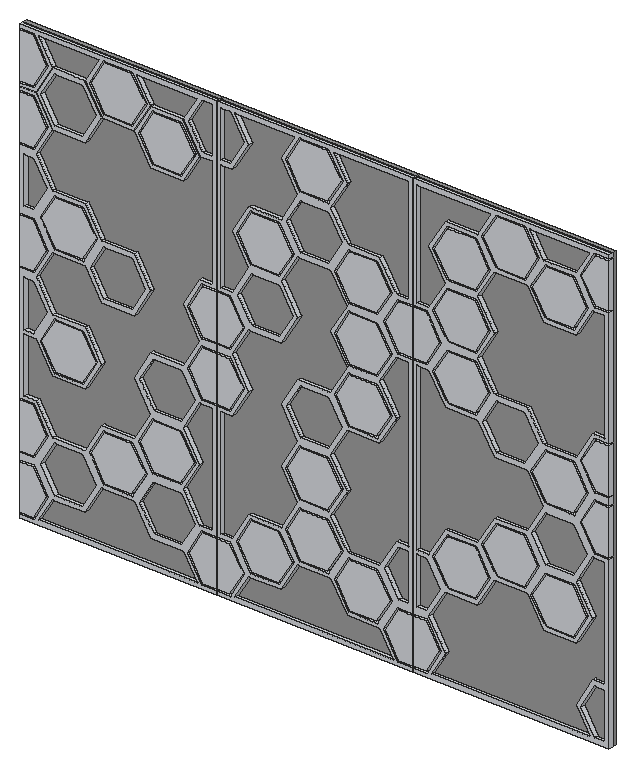
Revit family "SUR-PGL-018_HEX LATTICE_RFA", category Modelos genéricos, Revit 2022 (continued)
Forms (in)
  Extrusion 208, solid, not visible
    sketch origin (0, 24, 0) x (0, 1, 0) y (0, 0, 1)
      loop
        line (0.42351, 2.24072) -> (0.33294, 2.15016) -> (0.33294, 1.7291)
    from 0 to 96.9361
  Extrusion 209, solid, not visible
    sketch origin (0, 48, 0) x (0, 1, 0) y (0, 0, 1)
      loop
        line (0.42221, 1.66259) -> (0.42231, 0.67354)
        arc (0.42231, 0.67354) -> (0.41009, 0.64403) -> (0.38057, 0.6318) r 0.04174
        line (0.38057, 0.6318) -> (-0.00639, 0.6318) -> (-0.00639, 0.59057) -> (0.8874, 0.59057) -> (0.8874, 0.6318) -> (0.49998, 0.6318)
        arc (0.49998, 0.6318) -> (0.47046, 0.64403) -> (0.45824, 0.67354) r 0.04174
        line (0.45824, 0.67354) -> (0.45834, 1.66259)
        arc (0.45834, 1.66259) -> (0.46543, 1.67969) -> (0.48252, 1.68677) r 0.02418
        line (0.48252, 1.68677) -> (0.52252, 1.68677)
        arc (0.52252, 1.68677) -> (0.55303, 1.69941) -> (0.56566, 1.72991) r 0.04314
        line (0.56566, 1.72991) -> (0.56566, 2.14095)
        arc (0.56566, 2.14095) -> (0.5626, 2.15637) -> (0.55386, 2.16944) r 0.04029
        line (0.55386, 2.16944) -> (0.47053, 2.25277)
        arc (0.47053, 2.25277) -> (0.44027, 2.2653) -> (0.41002, 2.25277) r 0.04279
        line (0.41002, 2.25277) -> (0.32669, 2.16944)
        arc (0.32669, 2.16944) -> (0.31795, 2.15637) -> (0.31489, 2.14095) r 0.04029
        line (0.31489, 2.14095) -> (0.31489, 1.72991)
        arc (0.31489, 1.72991) -> (0.32752, 1.69941) -> (0.35803, 1.68677) r 0.04314
        line (0.35803, 1.68677) -> (0.39803, 1.68677)
        arc (0.39803, 1.68677) -> (0.41512, 1.67969) -> (0.42221, 1.66259) r 0.02418
      loop
        arc (0.33294, 1.7291) -> (0.34005, 1.71194) -> (0.35722, 1.70483) r 0.02428
        line (0.35722, 1.70483) -> (0.39815, 1.70483)
        arc (0.39815, 1.70483) -> (0.42797, 1.69248) -> (0.44023, 1.66266) r 0.04217
        arc (0.44023, 1.66266) -> (0.45258, 1.69248) -> (0.4824, 1.70483) r 0.04217
        line (0.4824, 1.70483) -> (0.52333, 1.70483)
        arc (0.52333, 1.70483) -> (0.54049, 1.71194) -> (0.54761, 1.7291) r 0.02428
        line (0.54761, 1.7291) -> (0.54761, 2.15016) -> (0.45704, 2.24072)
        arc (0.45704, 2.24072) -> (0.44027, 2.24767) -> (0.42351, 2.24072) r 0.02371
        line (0.42351, 2.24072) -> (0.33294, 2.15016) -> (0.33294, 1.7291)
    from 0 to 96.9361
  Extrusion 210, solid, not visible
    sketch origin (0, 72, 0) x (0, 1, 0) y (0, 0, 1)
      loop
        line (0.42221, 1.66259) -> (0.42231, 0.67354)
        arc (0.42231, 0.67354) -> (0.41009, 0.64403) -> (0.38057, 0.6318) r 0.04174
        line (0.38057, 0.6318) -> (-0.00639, 0.6318) -> (-0.00639, 0.59057) -> (0.8874, 0.59057) -> (0.8874, 0.6318) -> (0.49998, 0.6318)
        arc (0.49998, 0.6318) -> (0.47046, 0.64403) -> (0.45824, 0.67354) r 0.04174
        line (0.45824, 0.67354) -> (0.45834, 1.66259)
        arc (0.45834, 1.66259) -> (0.46543, 1.67969) -> (0.48252, 1.68677) r 0.02418
        line (0.48252, 1.68677) -> (0.52252, 1.68677)
        arc (0.52252, 1.68677) -> (0.55303, 1.69941) -> (0.56566, 1.72991) r 0.04314
        line (0.56566, 1.72991) -> (0.56566, 2.14095)
        arc (0.56566, 2.14095) -> (0.5626, 2.15637) -> (0.55386, 2.16944) r 0.04029
        line (0.55386, 2.16944) -> (0.47053, 2.25277)
        arc (0.47053, 2.25277) -> (0.44027, 2.2653) -> (0.41002, 2.25277) r 0.04279
        line (0.41002, 2.25277) -> (0.32669, 2.16944)
        arc (0.32669, 2.16944) -> (0.31795, 2.15637) -> (0.31489, 2.14095) r 0.04029
        line (0.31489, 2.14095) -> (0.31489, 1.72991)
        arc (0.31489, 1.72991) -> (0.32752, 1.69941) -> (0.35803, 1.68677) r 0.04314
        line (0.35803, 1.68677) -> (0.39803, 1.68677)
        arc (0.39803, 1.68677) -> (0.41512, 1.67969) -> (0.42221, 1.66259) r 0.02418
      loop
        arc (0.33294, 1.7291) -> (0.34005, 1.71194) -> (0.35722, 1.70483) r 0.02428
        line (0.35722, 1.70483) -> (0.39815, 1.70483)
        arc (0.39815, 1.70483) -> (0.42797, 1.69248) -> (0.44023, 1.66266) r 0.04217
        arc (0.44023, 1.66266) -> (0.45258, 1.69248) -> (0.4824, 1.70483) r 0.04217
        line (0.4824, 1.70483) -> (0.52333, 1.70483)
        arc (0.52333, 1.70483) -> (0.54049, 1.71194) -> (0.54761, 1.7291) r 0.02428
        line (0.54761, 1.7291) -> (0.54761, 2.15016) -> (0.45704, 2.24072)
        arc (0.45704, 2.24072) -> (0.44027, 2.24767) -> (0.42351, 2.24072) r 0.02371
        line (0.42351, 2.24072) -> (0.33294, 2.15016) -> (0.33294, 1.7291)
    from 0 to 96.9361
  Extrusion 211, solid, not visible
    sketch origin (0, 96, 0) x (0, 1, 0) y (0, 0, 1)
      loop
        line (0.42221, 1.66259) -> (0.42231, 0.67354)
        arc (0.42231, 0.67354) -> (0.41009, 0.64403) -> (0.38057, 0.6318) r 0.04174
        line (0.38057, 0.6318) -> (-0.00639, 0.6318) -> (-0.00639, 0.59057) -> (0.8874, 0.59057) -> (0.8874, 0.6318) -> (0.49998, 0.6318)
        arc (0.49998, 0.6318) -> (0.47046, 0.64403) -> (0.45824, 0.67354) r 0.04174
        line (0.45824, 0.67354) -> (0.45834, 1.66259)
        arc (0.45834, 1.66259) -> (0.46543, 1.67969) -> (0.48252, 1.68677) r 0.02418
        line (0.48252, 1.68677) -> (0.52252, 1.68677)
        arc (0.52252, 1.68677) -> (0.55303, 1.69941) -> (0.56566, 1.72991) r 0.04314
        line (0.56566, 1.72991) -> (0.56566, 2.14095)
        arc (0.56566, 2.14095) -> (0.5626, 2.15637) -> (0.55386, 2.16944) r 0.04029
        line (0.55386, 2.16944) -> (0.47053, 2.25277)
        arc (0.47053, 2.25277) -> (0.44027, 2.2653) -> (0.41002, 2.25277) r 0.04279
        line (0.41002, 2.25277) -> (0.32669, 2.16944)
        arc (0.32669, 2.16944) -> (0.31795, 2.15637) -> (0.31489, 2.14095) r 0.04029
        line (0.31489, 2.14095) -> (0.31489, 1.72991)
        arc (0.31489, 1.72991) -> (0.32752, 1.69941) -> (0.35803, 1.68677) r 0.04314
        line (0.35803, 1.68677) -> (0.39803, 1.68677)
        arc (0.39803, 1.68677) -> (0.41512, 1.67969) -> (0.42221, 1.66259) r 0.02418
      loop
        arc (0.33294, 1.7291) -> (0.34005, 1.71194) -> (0.35722, 1.70483) r 0.02428
        line (0.35722, 1.70483) -> (0.39815, 1.70483)
        arc (0.39815, 1.70483) -> (0.42797, 1.69248) -> (0.44023, 1.66266) r 0.04217
        arc (0.44023, 1.66266) -> (0.45258, 1.69248) -> (0.4824, 1.70483) r 0.04217
        line (0.4824, 1.70483) -> (0.52333, 1.70483)
        arc (0.52333, 1.70483) -> (0.54049, 1.71194) -> (0.54761, 1.7291) r 0.02428
        line (0.54761, 1.7291) -> (0.54761, 2.15016) -> (0.45704, 2.24072)
        arc (0.45704, 2.24072) -> (0.44027, 2.24767) -> (0.42351, 2.24072) r 0.02371
        line (0.42351, 2.24072) -> (0.33294, 2.15016) -> (0.33294, 1.7291)
    from 0 to 96.9361
  Extrusion 212, solid, not visible
    sketch origin (48.02754, 154.90856, 0) x (1, 0, 0) y (0, 0, 1)
      loop
        line (0.42221, 1.66259) -> (0.42231, 0.67354)
        arc (0.42231, 0.67354) -> (0.41009, 0.64403) -> (0.38057, 0.6318) r 0.04174
        line (0.38057, 0.6318) -> (-0.00639, 0.6318) -> (-0.00639, 0.59057) -> (0.8874, 0.59057) -> (0.8874, 0.6318) -> (0.49998, 0.6318)
        arc (0.49998, 0.6318) -> (0.47046, 0.64403) -> (0.45824, 0.67354) r 0.04174
        line (0.45824, 0.67354) -> (0.45834, 1.66259)
        arc (0.45834, 1.66259) -> (0.46543, 1.67969) -> (0.48252, 1.68677) r 0.02418
        line (0.48252, 1.68677) -> (0.52252, 1.68677)
        arc (0.52252, 1.68677) -> (0.55303, 1.69941) -> (0.56566, 1.72991) r 0.04314
        line (0.56566, 1.72991) -> (0.56566, 2.14095)
        arc (0.56566, 2.14095) -> (0.5626, 2.15637) -> (0.55386, 2.16944) r 0.04029
        line (0.55386, 2.16944) -> (0.47053, 2.25277)
        arc (0.47053, 2.25277) -> (0.44027, 2.2653) -> (0.41002, 2.25277) r 0.04279
        line (0.41002, 2.25277) -> (0.32669, 2.16944)
        arc (0.32669, 2.16944) -> (0.31795, 2.15637) -> (0.31489, 2.14095) r 0.04029
        line (0.31489, 2.14095) -> (0.31489, 1.72991)
        arc (0.31489, 1.72991) -> (0.32752, 1.69941) -> (0.35803, 1.68677) r 0.04314
        line (0.35803, 1.68677) -> (0.39803, 1.68677)
        arc (0.39803, 1.68677) -> (0.41512, 1.67969) -> (0.42221, 1.66259) r 0.02418
      loop
        arc (0.33294, 1.7291) -> (0.34005, 1.71194) -> (0.35722, 1.70483) r 0.02428
        line (0.35722, 1.70483) -> (0.39815, 1.70483)
        arc (0.39815, 1.70483) -> (0.42797, 1.69248) -> (0.44023, 1.66266) r 0.04217
        arc (0.44023, 1.66266) -> (0.45258, 1.69248) -> (0.4824, 1.70483) r 0.04217
        line (0.4824, 1.70483) -> (0.52333, 1.70483)
        arc (0.52333, 1.70483) -> (0.54049, 1.71194) -> (0.54761, 1.7291) r 0.02428
        line (0.54761, 1.7291) -> (0.54761, 2.15016) -> (0.45704, 2.24072)
        arc (0.45704, 2.24072) -> (0.44027, 2.24767) -> (0.42351, 2.24072) r 0.02371
        line (0.42351, 2.24072) -> (0.33294, 2.15016) -> (0.33294, 1.7291)
    from 58.93614 to 81.99864
  Extrusion 213, solid, not visible
    sketch origin (72.02767, 154.90856, 0) x (1, 0, 0) y (0, 0, 1)
      loop
        line (0.42221, 1.66259) -> (0.42231, 0.67354)
        arc (0.42231, 0.67354) -> (0.41009, 0.64403) -> (0.38057, 0.6318) r 0.04174
        line (0.38057, 0.6318) -> (-0.00639, 0.6318) -> (-0.00639, 0.59057) -> (0.8874, 0.59057) -> (0.8874, 0.6318) -> (0.49998, 0.6318)
        arc (0.49998, 0.6318) -> (0.47046, 0.64403) -> (0.45824, 0.67354) r 0.04174
        line (0.45824, 0.67354) -> (0.45834, 1.66259)
        arc (0.45834, 1.66259) -> (0.46543, 1.67969) -> (0.48252, 1.68677) r 0.02418
        line (0.48252, 1.68677) -> (0.52252, 1.68677)
        arc (0.52252, 1.68677) -> (0.55303, 1.69941) -> (0.56566, 1.72991) r 0.04314
        line (0.56566, 1.72991) -> (0.56566, 2.14095)
        arc (0.56566, 2.14095) -> (0.5626, 2.15637) -> (0.55386, 2.16944) r 0.04029
        line (0.55386, 2.16944) -> (0.47053, 2.25277)
        arc (0.47053, 2.25277) -> (0.44027, 2.2653) -> (0.41002, 2.25277) r 0.04279
        line (0.41002, 2.25277) -> (0.32669, 2.16944)
        arc (0.32669, 2.16944) -> (0.31795, 2.15637) -> (0.31489, 2.14095) r 0.04029
        line (0.31489, 2.14095) -> (0.31489, 1.72991)
        arc (0.31489, 1.72991) -> (0.32752, 1.69941) -> (0.35803, 1.68677) r 0.04314
        line (0.35803, 1.68677) -> (0.39803, 1.68677)
        arc (0.39803, 1.68677) -> (0.41512, 1.67969) -> (0.42221, 1.66259) r 0.02418
      loop
        arc (0.33294, 1.7291) -> (0.34005, 1.71194) -> (0.35722, 1.70483) r 0.02428
        line (0.35722, 1.70483) -> (0.39815, 1.70483)
        arc (0.39815, 1.70483) -> (0.42797, 1.69248) -> (0.44023, 1.66266) r 0.04217
        arc (0.44023, 1.66266) -> (0.45258, 1.69248) -> (0.4824, 1.70483) r 0.04217
        line (0.4824, 1.70483) -> (0.52333, 1.70483)
        arc (0.52333, 1.70483) -> (0.54049, 1.71194) -> (0.54761, 1.7291) r 0.02428
        line (0.54761, 1.7291) -> (0.54761, 2.15016) -> (0.45704, 2.24072)
        arc (0.45704, 2.24072) -> (0.44027, 2.24767) -> (0.42351, 2.24072) r 0.02371
        line (0.42351, 2.24072) -> (0.33294, 2.15016) -> (0.33294, 1.7291)
    from 58.93614 to 81.99864
  Extrusion 214, solid, not visible
    sketch origin (96.02767, 154.90856, 0) x (1, 0, 0) y (0, 0, 1)
      loop
        line (0.42221, 1.66259) -> (0.42231, 0.67354)
        arc (0.42231, 0.67354) -> (0.41009, 0.64403) -> (0.38057, 0.6318) r 0.04174
        line (0.38057, 0.6318) -> (-0.00639, 0.6318) -> (-0.00639, 0.59057) -> (0.8874, 0.59057) -> (0.8874, 0.6318) -> (0.49998, 0.6318)
        arc (0.49998, 0.6318) -> (0.47046, 0.64403) -> (0.45824, 0.67354) r 0.04174
        line (0.45824, 0.67354) -> (0.45834, 1.66259)
        arc (0.45834, 1.66259) -> (0.46543, 1.67969) -> (0.48252, 1.68677) r 0.02418
        line (0.48252, 1.68677) -> (0.52252, 1.68677)
        arc (0.52252, 1.68677) -> (0.55303, 1.69941) -> (0.56566, 1.72991) r 0.04314
        line (0.56566, 1.72991) -> (0.56566, 2.14095)
        arc (0.56566, 2.14095) -> (0.5626, 2.15637) -> (0.55386, 2.16944) r 0.04029
        line (0.55386, 2.16944) -> (0.47053, 2.25277)
        arc (0.47053, 2.25277) -> (0.44027, 2.2653) -> (0.41002, 2.25277) r 0.04279
        line (0.41002, 2.25277) -> (0.32669, 2.16944)
        arc (0.32669, 2.16944) -> (0.31795, 2.15637) -> (0.31489, 2.14095) r 0.04029
        line (0.31489, 2.14095) -> (0.31489, 1.72991)
        arc (0.31489, 1.72991) -> (0.32752, 1.69941) -> (0.35803, 1.68677) r 0.04314
        line (0.35803, 1.68677) -> (0.39803, 1.68677)
        arc (0.39803, 1.68677) -> (0.41512, 1.67969) -> (0.42221, 1.66259) r 0.02418
      loop
        arc (0.33294, 1.7291) -> (0.34005, 1.71194) -> (0.35722, 1.70483) r 0.02428
        line (0.35722, 1.70483) -> (0.39815, 1.70483)
        arc (0.39815, 1.70483) -> (0.42797, 1.69248) -> (0.44023, 1.66266) r 0.04217
        arc (0.44023, 1.66266) -> (0.45258, 1.69248) -> (0.4824, 1.70483) r 0.04217
        line (0.4824, 1.70483) -> (0.52333, 1.70483)
        arc (0.52333, 1.70483) -> (0.54049, 1.71194) -> (0.54761, 1.7291) r 0.02428
        line (0.54761, 1.7291) -> (0.54761, 2.15016) -> (0.45704, 2.24072)
        arc (0.45704, 2.24072) -> (0.44027, 2.24767) -> (0.42351, 2.24072) r 0.02371
        line (0.42351, 2.24072) -> (0.33294, 2.15016) -> (0.33294, 1.7291)
    from 58.93614 to 81.99864
  Extrusion 215, solid, not visible
    sketch origin (24.02767, 154.90856, 0) x (1, 0, 0) y (0, 0, 1)
      loop
        line (0.42221, 1.66259) -> (0.42231, 0.67354)
        arc (0.42231, 0.67354) -> (0.41009, 0.64403) -> (0.38057, 0.6318) r 0.04174
        line (0.38057, 0.6318) -> (-0.00639, 0.6318) -> (-0.00639, 0.59057) -> (0.8874, 0.59057) -> (0.8874, 0.6318) -> (0.49998, 0.6318)
        arc (0.49998, 0.6318) -> (0.47046, 0.64403) -> (0.45824, 0.67354) r 0.04174
        line (0.45824, 0.67354) -> (0.45834, 1.66259)
        arc (0.45834, 1.66259) -> (0.46543, 1.67969) -> (0.48252, 1.68677) r 0.02418
        line (0.48252, 1.68677) -> (0.52252, 1.68677)
        arc (0.52252, 1.68677) -> (0.55303, 1.69941) -> (0.56566, 1.72991) r 0.04314
        line (0.56566, 1.72991) -> (0.56566, 2.14095)
        arc (0.56566, 2.14095) -> (0.5626, 2.15637) -> (0.55386, 2.16944) r 0.04029
        line (0.55386, 2.16944) -> (0.47053, 2.25277)
        arc (0.47053, 2.25277) -> (0.44027, 2.2653) -> (0.41002, 2.25277) r 0.04279
        line (0.41002, 2.25277) -> (0.32669, 2.16944)
        arc (0.32669, 2.16944) -> (0.31795, 2.15637) -> (0.31489, 2.14095) r 0.04029
        line (0.31489, 2.14095) -> (0.31489, 1.72991)
        arc (0.31489, 1.72991) -> (0.32752, 1.69941) -> (0.35803, 1.68677) r 0.04314
        line (0.35803, 1.68677) -> (0.39803, 1.68677)
        arc (0.39803, 1.68677) -> (0.41512, 1.67969) -> (0.42221, 1.66259) r 0.02418
      loop
        arc (0.33294, 1.7291) -> (0.34005, 1.71194) -> (0.35722, 1.70483) r 0.02428
        line (0.35722, 1.70483) -> (0.39815, 1.70483)
        arc (0.39815, 1.70483) -> (0.42797, 1.69248) -> (0.44023, 1.66266) r 0.04217
        arc (0.44023, 1.66266) -> (0.45258, 1.69248) -> (0.4824, 1.70483) r 0.04217
        line (0.4824, 1.70483) -> (0.52333, 1.70483)
        arc (0.52333, 1.70483) -> (0.54049, 1.71194) -> (0.54761, 1.7291) r 0.02428
        line (0.54761, 1.7291) -> (0.54761, 2.15016) -> (0.45704, 2.24072)
        arc (0.45704, 2.24072) -> (0.44027, 2.24767) -> (0.42351, 2.24072) r 0.02371
        line (0.42351, 2.24072) -> (0.33294, 2.15016) -> (0.33294, 1.7291)
    from 58.93614 to 81.99864
  Extrusion 216, solid, not visible
    sketch origin (0.02767, 154.90856, 0) x (1, 0, 0) y (0, 0, 1)
      loop
        line (0.42221, 1.66259) -> (0.42231, 0.67354)
        arc (0.42231, 0.67354) -> (0.41009, 0.64403) -> (0.38057, 0.6318) r 0.04174
        line (0.38057, 0.6318) -> (-0.00639, 0.6318) -> (-0.00639, 0.59057) -> (0.8874, 0.59057) -> (0.8874, 0.6318) -> (0.49998, 0.6318)
        arc (0.49998, 0.6318) -> (0.47046, 0.64403) -> (0.45824, 0.67354) r 0.04174
        line (0.45824, 0.67354) -> (0.45834, 1.66259)
        arc (0.45834, 1.66259) -> (0.46543, 1.67969) -> (0.48252, 1.68677) r 0.02418
        line (0.48252, 1.68677) -> (0.52252, 1.68677)
        arc (0.52252, 1.68677) -> (0.55303, 1.69941) -> (0.56566, 1.72991) r 0.04314
        line (0.56566, 1.72991) -> (0.56566, 2.14095)
        arc (0.56566, 2.14095) -> (0.5626, 2.15637) -> (0.55386, 2.16944) r 0.04029
        line (0.55386, 2.16944) -> (0.47053, 2.25277)
        arc (0.47053, 2.25277) -> (0.44027, 2.2653) -> (0.41002, 2.25277) r 0.04279
        line (0.41002, 2.25277) -> (0.32669, 2.16944)
        arc (0.32669, 2.16944) -> (0.31795, 2.15637) -> (0.31489, 2.14095) r 0.04029
        line (0.31489, 2.14095) -> (0.31489, 1.72991)
        arc (0.31489, 1.72991) -> (0.32752, 1.69941) -> (0.35803, 1.68677) r 0.04314
        line (0.35803, 1.68677) -> (0.39803, 1.68677)
        arc (0.39803, 1.68677) -> (0.41512, 1.67969) -> (0.42221, 1.66259) r 0.02418
      loop
        arc (0.33294, 1.7291) -> (0.34005, 1.71194) -> (0.35722, 1.70483) r 0.02428
        line (0.35722, 1.70483) -> (0.39815, 1.70483)
        arc (0.39815, 1.70483) -> (0.42797, 1.69248) -> (0.44023, 1.66266) r 0.04217
        arc (0.44023, 1.66266) -> (0.45258, 1.69248) -> (0.4824, 1.70483) r 0.04217
        line (0.4824, 1.70483) -> (0.52333, 1.70483)
        arc (0.52333, 1.70483) -> (0.54049, 1.71194) -> (0.54761, 1.7291) r 0.02428
        line (0.54761, 1.7291) -> (0.54761, 2.15016) -> (0.45704, 2.24072)
        arc (0.45704, 2.24072) -> (0.44027, 2.24767) -> (0.42351, 2.24072) r 0.02371
        line (0.42351, 2.24072) -> (0.33294, 2.15016) -> (0.33294, 1.7291)
    from 58.93614 to 81.99864
  Extrusion 217, solid, not visible
    sketch origin (48.02754, 130.90855, 0) x (1, 0, 0) y (0, 0, 1)
      loop
        line (0.42221, 1.66259) -> (0.42231, 0.67354)
        arc (0.42231, 0.67354) -> (0.41009, 0.64403) -> (0.38057, 0.6318) r 0.04174
        line (0.38057, 0.6318) -> (-0.00639, 0.6318) -> (-0.00639, 0.59057) -> (0.8874, 0.59057) -> (0.8874, 0.6318) -> (0.49998, 0.6318)
        arc (0.49998, 0.6318) -> (0.47046, 0.64403) -> (0.45824, 0.67354) r 0.04174
        line (0.45824, 0.67354) -> (0.45834, 1.66259)
        arc (0.45834, 1.66259) -> (0.46543, 1.67969) -> (0.48252, 1.68677) r 0.02418
        line (0.48252, 1.68677) -> (0.52252, 1.68677)
        arc (0.52252, 1.68677) -> (0.55303, 1.69941) -> (0.56566, 1.72991) r 0.04314
        line (0.56566, 1.72991) -> (0.56566, 2.14095)
        arc (0.56566, 2.14095) -> (0.5626, 2.15637) -> (0.55386, 2.16944) r 0.04029
        line (0.55386, 2.16944) -> (0.47053, 2.25277)
        arc (0.47053, 2.25277) -> (0.44027, 2.2653) -> (0.41002, 2.25277) r 0.04279
        line (0.41002, 2.25277) -> (0.32669, 2.16944)
        arc (0.32669, 2.16944) -> (0.31795, 2.15637) -> (0.31489, 2.14095) r 0.04029
        line (0.31489, 2.14095) -> (0.31489, 1.72991)
        arc (0.31489, 1.72991) -> (0.32752, 1.69941) -> (0.35803, 1.68677) r 0.04314
        line (0.35803, 1.68677) -> (0.39803, 1.68677)
        arc (0.39803, 1.68677) -> (0.41512, 1.67969) -> (0.42221, 1.66259) r 0.02418
      loop
        arc (0.33294, 1.7291) -> (0.34005, 1.71194) -> (0.35722, 1.70483) r 0.02428
        line (0.35722, 1.70483) -> (0.39815, 1.70483)
        arc (0.39815, 1.70483) -> (0.42797, 1.69248) -> (0.44023, 1.66266) r 0.04217
        arc (0.44023, 1.66266) -> (0.45258, 1.69248) -> (0.4824, 1.70483) r 0.04217
        line (0.4824, 1.70483) -> (0.52333, 1.70483)
        arc (0.52333, 1.70483) -> (0.54049, 1.71194) -> (0.54761, 1.7291) r 0.02428
        line (0.54761, 1.7291) -> (0.54761, 2.15016) -> (0.45704, 2.24072)
        arc (0.45704, 2.24072) -> (0.44027, 2.24767) -> (0.42351, 2.24072) r 0.02371
        line (0.42351, 2.24072) -> (0.33294, 2.15016) -> (0.33294, 1.7291)
    from 58.93614 to 81.99864
  Extrusion 218, solid, not visible
    sketch origin (72.02767, 130.90855, 0) x (1, 0, 0) y (0, 0, 1)
      loop
        line (0.42221, 1.66259) -> (0.42231, 0.67354)
        arc (0.42231, 0.67354) -> (0.41009, 0.64403) -> (0.38057, 0.6318) r 0.04174
        line (0.38057, 0.6318) -> (-0.00639, 0.6318) -> (-0.00639, 0.59057) -> (0.8874, 0.59057) -> (0.8874, 0.6318) -> (0.49998, 0.6318)
        arc (0.49998, 0.6318) -> (0.47046, 0.64403) -> (0.45824, 0.67354) r 0.04174
        line (0.45824, 0.67354) -> (0.45834, 1.66259)
        arc (0.45834, 1.66259) -> (0.46543, 1.67969) -> (0.48252, 1.68677) r 0.02418
        line (0.48252, 1.68677) -> (0.52252, 1.68677)
        arc (0.52252, 1.68677) -> (0.55303, 1.69941) -> (0.56566, 1.72991) r 0.04314
        line (0.56566, 1.72991) -> (0.56566, 2.14095)
        arc (0.56566, 2.14095) -> (0.5626, 2.15637) -> (0.55386, 2.16944) r 0.04029
        line (0.55386, 2.16944) -> (0.47053, 2.25277)
        arc (0.47053, 2.25277) -> (0.44027, 2.2653) -> (0.41002, 2.25277) r 0.04279
        line (0.41002, 2.25277) -> (0.32669, 2.16944)
        arc (0.32669, 2.16944) -> (0.31795, 2.15637) -> (0.31489, 2.14095) r 0.04029
        line (0.31489, 2.14095) -> (0.31489, 1.72991)
        arc (0.31489, 1.72991) -> (0.32752, 1.69941) -> (0.35803, 1.68677) r 0.04314
        line (0.35803, 1.68677) -> (0.39803, 1.68677)
        arc (0.39803, 1.68677) -> (0.41512, 1.67969) -> (0.42221, 1.66259) r 0.02418
      loop
        arc (0.33294, 1.7291) -> (0.34005, 1.71194) -> (0.35722, 1.70483) r 0.02428
        line (0.35722, 1.70483) -> (0.39815, 1.70483)
        arc (0.39815, 1.70483) -> (0.42797, 1.69248) -> (0.44023, 1.66266) r 0.04217
        arc (0.44023, 1.66266) -> (0.45258, 1.69248) -> (0.4824, 1.70483) r 0.04217
        line (0.4824, 1.70483) -> (0.52333, 1.70483)
        arc (0.52333, 1.70483) -> (0.54049, 1.71194) -> (0.54761, 1.7291) r 0.02428
        line (0.54761, 1.7291) -> (0.54761, 2.15016) -> (0.45704, 2.24072)
        arc (0.45704, 2.24072) -> (0.44027, 2.24767) -> (0.42351, 2.24072) r 0.02371
        line (0.42351, 2.24072) -> (0.33294, 2.15016) -> (0.33294, 1.7291)
    from 58.93614 to 81.99864
  Extrusion 219, solid, not visible
    sketch origin (96.02767, 130.90855, 0) x (1, 0, 0) y (0, 0, 1)
      loop
        line (0.42221, 1.66259) -> (0.42231, 0.67354)
        arc (0.42231, 0.67354) -> (0.41009, 0.64403) -> (0.38057, 0.6318) r 0.04174
        line (0.38057, 0.6318) -> (-0.00639, 0.6318) -> (-0.00639, 0.59057) -> (0.8874, 0.59057) -> (0.8874, 0.6318) -> (0.49998, 0.6318)
        arc (0.49998, 0.6318) -> (0.47046, 0.64403) -> (0.45824, 0.67354) r 0.04174
        line (0.45824, 0.67354) -> (0.45834, 1.66259)
        arc (0.45834, 1.66259) -> (0.46543, 1.67969) -> (0.48252, 1.68677) r 0.02418
        line (0.48252, 1.68677) -> (0.52252, 1.68677)
        arc (0.52252, 1.68677) -> (0.55303, 1.69941) -> (0.56566, 1.72991) r 0.04314
        line (0.56566, 1.72991) -> (0.56566, 2.14095)
        arc (0.56566, 2.14095) -> (0.5626, 2.15637) -> (0.55386, 2.16944) r 0.04029
        line (0.55386, 2.16944) -> (0.47053, 2.25277)
        arc (0.47053, 2.25277) -> (0.44027, 2.2653) -> (0.41002, 2.25277) r 0.04279
        line (0.41002, 2.25277) -> (0.32669, 2.16944)
        arc (0.32669, 2.16944) -> (0.31795, 2.15637) -> (0.31489, 2.14095) r 0.04029
        line (0.31489, 2.14095) -> (0.31489, 1.72991)
        arc (0.31489, 1.72991) -> (0.32752, 1.69941) -> (0.35803, 1.68677) r 0.04314
        line (0.35803, 1.68677) -> (0.39803, 1.68677)
        arc (0.39803, 1.68677) -> (0.41512, 1.67969) -> (0.42221, 1.66259) r 0.02418
      loop
        arc (0.33294, 1.7291) -> (0.34005, 1.71194) -> (0.35722, 1.70483) r 0.02428
        line (0.35722, 1.70483) -> (0.39815, 1.70483)
        arc (0.39815, 1.70483) -> (0.42797, 1.69248) -> (0.44023, 1.66266) r 0.04217
        arc (0.44023, 1.66266) -> (0.45258, 1.69248) -> (0.4824, 1.70483) r 0.04217
        line (0.4824, 1.70483) -> (0.52333, 1.70483)
        arc (0.52333, 1.70483) -> (0.54049, 1.71194) -> (0.54761, 1.7291) r 0.02428
        line (0.54761, 1.7291) -> (0.54761, 2.15016) -> (0.45704, 2.24072)
        arc (0.45704, 2.24072) -> (0.44027, 2.24767) -> (0.42351, 2.24072) r 0.02371
        line (0.42351, 2.24072) -> (0.33294, 2.15016) -> (0.33294, 1.7291)
    from 58.93614 to 81.99864
  Extrusion 220, solid, not visible
    sketch origin (24.02767, 130.90855, 0) x (1, 0, 0) y (0, 0, 1)
      loop
        line (0.42221, 1.66259) -> (0.42231, 0.67354)
        arc (0.42231, 0.67354) -> (0.41009, 0.64403) -> (0.38057, 0.6318) r 0.04174
        line (0.38057, 0.6318) -> (-0.00639, 0.6318) -> (-0.00639, 0.59057) -> (0.8874, 0.59057) -> (0.8874, 0.6318) -> (0.49998, 0.6318)
        arc (0.49998, 0.6318) -> (0.47046, 0.64403) -> (0.45824, 0.67354) r 0.04174
        line (0.45824, 0.67354) -> (0.45834, 1.66259)
        arc (0.45834, 1.66259) -> (0.46543, 1.67969) -> (0.48252, 1.68677) r 0.02418
        line (0.48252, 1.68677) -> (0.52252, 1.68677)
        arc (0.52252, 1.68677) -> (0.55303, 1.69941) -> (0.56566, 1.72991) r 0.04314
        line (0.56566, 1.72991) -> (0.56566, 2.14095)
        arc (0.56566, 2.14095) -> (0.5626, 2.15637) -> (0.55386, 2.16944) r 0.04029
        line (0.55386, 2.16944) -> (0.47053, 2.25277)
        arc (0.47053, 2.25277) -> (0.44027, 2.2653) -> (0.41002, 2.25277) r 0.04279
        line (0.41002, 2.25277) -> (0.32669, 2.16944)
        arc (0.32669, 2.16944) -> (0.31795, 2.15637) -> (0.31489, 2.14095) r 0.04029
        line (0.31489, 2.14095) -> (0.31489, 1.72991)
        arc (0.31489, 1.72991) -> (0.32752, 1.69941) -> (0.35803, 1.68677) r 0.04314
        line (0.35803, 1.68677) -> (0.39803, 1.68677)
        arc (0.39803, 1.68677) -> (0.41512, 1.67969) -> (0.42221, 1.66259) r 0.02418
      loop
        arc (0.33294, 1.7291) -> (0.34005, 1.71194) -> (0.35722, 1.70483) r 0.02428
        line (0.35722, 1.70483) -> (0.39815, 1.70483)
        arc (0.39815, 1.70483) -> (0.42797, 1.69248) -> (0.44023, 1.66266) r 0.04217
        arc (0.44023, 1.66266) -> (0.45258, 1.69248) -> (0.4824, 1.70483) r 0.04217
        line (0.4824, 1.70483) -> (0.52333, 1.70483)
        arc (0.52333, 1.70483) -> (0.54049, 1.71194) -> (0.54761, 1.7291) r 0.02428
        line (0.54761, 1.7291) -> (0.54761, 2.15016) -> (0.45704, 2.24072)
        arc (0.45704, 2.24072) -> (0.44027, 2.24767) -> (0.42351, 2.24072) r 0.02371
        line (0.42351, 2.24072) -> (0.33294, 2.15016) -> (0.33294, 1.7291)
    from 58.93614 to 81.99864
  Extrusion 221, solid, not visible
    sketch origin (0.02767, 130.90855, 0) x (1, 0, 0) y (0, 0, 1)
      loop
        line (0.42221, 1.66259) -> (0.42231, 0.67354)
        arc (0.42231, 0.67354) -> (0.41009, 0.64403) -> (0.38057, 0.6318) r 0.04174
        line (0.38057, 0.6318) -> (-0.00639, 0.6318) -> (-0.00639, 0.59057) -> (0.8874, 0.59057) -> (0.8874, 0.6318) -> (0.49998, 0.6318)
        arc (0.49998, 0.6318) -> (0.47046, 0.64403) -> (0.45824, 0.67354) r 0.04174
        line (0.45824, 0.67354) -> (0.45834, 1.66259)
        arc (0.45834, 1.66259) -> (0.46543, 1.67969) -> (0.48252, 1.68677) r 0.02418
        line (0.48252, 1.68677) -> (0.52252, 1.68677)
        arc (0.52252, 1.68677) -> (0.55303, 1.69941) -> (0.56566, 1.72991) r 0.04314
        line (0.56566, 1.72991) -> (0.56566, 2.14095)
        arc (0.56566, 2.14095) -> (0.5626, 2.15637) -> (0.55386, 2.16944) r 0.04029
        line (0.55386, 2.16944) -> (0.47053, 2.25277)
        arc (0.47053, 2.25277) -> (0.44027, 2.2653) -> (0.41002, 2.25277) r 0.04279
        line (0.41002, 2.25277) -> (0.32669, 2.16944)
        arc (0.32669, 2.16944) -> (0.31795, 2.15637) -> (0.31489, 2.14095) r 0.04029
        line (0.31489, 2.14095) -> (0.31489, 1.72991)
        arc (0.31489, 1.72991) -> (0.32752, 1.69941) -> (0.35803, 1.68677) r 0.04314
        line (0.35803, 1.68677) -> (0.39803, 1.68677)
        arc (0.39803, 1.68677) -> (0.41512, 1.67969) -> (0.42221, 1.66259) r 0.02418
      loop
        arc (0.33294, 1.7291) -> (0.34005, 1.71194) -> (0.35722, 1.70483) r 0.02428
        line (0.35722, 1.70483) -> (0.39815, 1.70483)
        arc (0.39815, 1.70483) -> (0.42797, 1.69248) -> (0.44023, 1.66266) r 0.04217
        arc (0.44023, 1.66266) -> (0.45258, 1.69248) -> (0.4824, 1.70483) r 0.04217
        line (0.4824, 1.70483) -> (0.52333, 1.70483)
        arc (0.52333, 1.70483) -> (0.54049, 1.71194) -> (0.54761, 1.7291) r 0.02428
        line (0.54761, 1.7291) -> (0.54761, 2.15016) -> (0.45704, 2.24072)
        arc (0.45704, 2.24072) -> (0.44027, 2.24767) -> (0.42351, 2.24072) r 0.02371
        line (0.42351, 2.24072) -> (0.33294, 2.15016) -> (0.33294, 1.7291)
    from 58.93614 to 81.99864
  Extrusion 222, solid, not visible
    sketch origin (48.02754, 106.90856, 0) x (1, 0, 0) y (0, 0, 1)
      loop
        line (0.42221, 1.66259) -> (0.42231, 0.67354)
        arc (0.42231, 0.67354) -> (0.41009, 0.64403) -> (0.38057, 0.6318) r 0.04174
        line (0.38057, 0.6318) -> (-0.00639, 0.6318) -> (-0.00639, 0.59057) -> (0.8874, 0.59057) -> (0.8874, 0.6318) -> (0.49998, 0.6318)
        arc (0.49998, 0.6318) -> (0.47046, 0.64403) -> (0.45824, 0.67354) r 0.04174
        line (0.45824, 0.67354) -> (0.45834, 1.66259)
        arc (0.45834, 1.66259) -> (0.46543, 1.67969) -> (0.48252, 1.68677) r 0.02418
        line (0.48252, 1.68677) -> (0.52252, 1.68677)
        arc (0.52252, 1.68677) -> (0.55303, 1.69941) -> (0.56566, 1.72991) r 0.04314
        line (0.56566, 1.72991) -> (0.56566, 2.14095)
        arc (0.56566, 2.14095) -> (0.5626, 2.15637) -> (0.55386, 2.16944) r 0.04029
        line (0.55386, 2.16944) -> (0.47053, 2.25277)
        arc (0.47053, 2.25277) -> (0.44027, 2.2653) -> (0.41002, 2.25277) r 0.04279
        line (0.41002, 2.25277) -> (0.32669, 2.16944)
        arc (0.32669, 2.16944) -> (0.31795, 2.15637) -> (0.31489, 2.14095) r 0.04029
        line (0.31489, 2.14095) -> (0.31489, 1.72991)
        arc (0.31489, 1.72991) -> (0.32752, 1.69941) -> (0.35803, 1.68677) r 0.04314
        line (0.35803, 1.68677) -> (0.39803, 1.68677)
        arc (0.39803, 1.68677) -> (0.41512, 1.67969) -> (0.42221, 1.66259) r 0.02418
      loop
        arc (0.33294, 1.7291) -> (0.34005, 1.71194) -> (0.35722, 1.70483) r 0.02428
        line (0.35722, 1.70483) -> (0.39815, 1.70483)
        arc (0.39815, 1.70483) -> (0.42797, 1.69248) -> (0.44023, 1.66266) r 0.04217
        arc (0.44023, 1.66266) -> (0.45258, 1.69248) -> (0.4824, 1.70483) r 0.04217
        line (0.4824, 1.70483) -> (0.52333, 1.70483)
        arc (0.52333, 1.70483) -> (0.54049, 1.71194) -> (0.54761, 1.7291) r 0.02428
        line (0.54761, 1.7291) -> (0.54761, 2.15016) -> (0.45704, 2.24072)
        arc (0.45704, 2.24072) -> (0.44027, 2.24767) -> (0.42351, 2.24072) r 0.02371
        line (0.42351, 2.24072) -> (0.33294, 2.15016) -> (0.33294, 1.7291)
    from 58.93614 to 81.99864
  Extrusion 223, solid, not visible
    sketch origin (72.02767, 106.90856, 0) x (1, 0, 0) y (0, 0, 1)
      loop
        line (0.42221, 1.66259) -> (0.42231, 0.67354)
        arc (0.42231, 0.67354) -> (0.41009, 0.64403) -> (0.38057, 0.6318) r 0.04174
        line (0.38057, 0.6318) -> (-0.00639, 0.6318) -> (-0.00639, 0.59057) -> (0.8874, 0.59057) -> (0.8874, 0.6318) -> (0.49998, 0.6318)
        arc (0.49998, 0.6318) -> (0.47046, 0.64403) -> (0.45824, 0.67354) r 0.04174
        line (0.45824, 0.67354) -> (0.45834, 1.66259)
        arc (0.45834, 1.66259) -> (0.46543, 1.67969) -> (0.48252, 1.68677) r 0.02418
        line (0.48252, 1.68677) -> (0.52252, 1.68677)
        arc (0.52252, 1.68677) -> (0.55303, 1.69941) -> (0.56566, 1.72991) r 0.04314
        line (0.56566, 1.72991) -> (0.56566, 2.14095)
        arc (0.56566, 2.14095) -> (0.5626, 2.15637) -> (0.55386, 2.16944) r 0.04029
        line (0.55386, 2.16944) -> (0.47053, 2.25277)
        arc (0.47053, 2.25277) -> (0.44027, 2.2653) -> (0.41002, 2.25277) r 0.04279
        line (0.41002, 2.25277) -> (0.32669, 2.16944)
        arc (0.32669, 2.16944) -> (0.31795, 2.15637) -> (0.31489, 2.14095) r 0.04029
        line (0.31489, 2.14095) -> (0.31489, 1.72991)
        arc (0.31489, 1.72991) -> (0.32752, 1.69941) -> (0.35803, 1.68677) r 0.04314
        line (0.35803, 1.68677) -> (0.39803, 1.68677)
        arc (0.39803, 1.68677) -> (0.41512, 1.67969) -> (0.42221, 1.66259) r 0.02418
      loop
        arc (0.33294, 1.7291) -> (0.34005, 1.71194) -> (0.35722, 1.70483) r 0.02428
        line (0.35722, 1.70483) -> (0.39815, 1.70483)
        arc (0.39815, 1.70483) -> (0.42797, 1.69248) -> (0.44023, 1.66266) r 0.04217
        arc (0.44023, 1.66266) -> (0.45258, 1.69248) -> (0.4824, 1.70483) r 0.04217
        line (0.4824, 1.70483) -> (0.52333, 1.70483)
        arc (0.52333, 1.70483) -> (0.54049, 1.71194) -> (0.54761, 1.7291) r 0.02428
        line (0.54761, 1.7291) -> (0.54761, 2.15016) -> (0.45704, 2.24072)
        arc (0.45704, 2.24072) -> (0.44027, 2.24767) -> (0.42351, 2.24072) r 0.02371
        line (0.42351, 2.24072) -> (0.33294, 2.15016) -> (0.33294, 1.7291)
    from 58.93614 to 81.99864
  Extrusion 224, solid, not visible
    sketch origin (96.02767, 106.90856, 0) x (1, 0, 0) y (0, 0, 1)
      loop
        line (0.42221, 1.66259) -> (0.42231, 0.67354)
        arc (0.42231, 0.67354) -> (0.41009, 0.64403) -> (0.38057, 0.6318) r 0.04174
        line (0.38057, 0.6318) -> (-0.00639, 0.6318) -> (-0.00639, 0.59057) -> (0.8874, 0.59057) -> (0.8874, 0.6318) -> (0.49998, 0.6318)
        arc (0.49998, 0.6318) -> (0.47046, 0.64403) -> (0.45824, 0.67354) r 0.04174
        line (0.45824, 0.67354) -> (0.45834, 1.66259)
        arc (0.45834, 1.66259) -> (0.46543, 1.67969) -> (0.48252, 1.68677) r 0.02418
        line (0.48252, 1.68677) -> (0.52252, 1.68677)
        arc (0.52252, 1.68677) -> (0.55303, 1.69941) -> (0.56566, 1.72991) r 0.04314
        line (0.56566, 1.72991) -> (0.56566, 2.14095)
        arc (0.56566, 2.14095) -> (0.5626, 2.15637) -> (0.55386, 2.16944) r 0.04029
        line (0.55386, 2.16944) -> (0.47053, 2.25277)
        arc (0.47053, 2.25277) -> (0.44027, 2.2653) -> (0.41002, 2.25277) r 0.04279
        line (0.41002, 2.25277) -> (0.32669, 2.16944)
        arc (0.32669, 2.16944) -> (0.31795, 2.15637) -> (0.31489, 2.14095) r 0.04029
        line (0.31489, 2.14095) -> (0.31489, 1.72991)
        arc (0.31489, 1.72991) -> (0.32752, 1.69941) -> (0.35803, 1.68677) r 0.04314
        line (0.35803, 1.68677) -> (0.39803, 1.68677)
        arc (0.39803, 1.68677) -> (0.41512, 1.67969) -> (0.42221, 1.66259) r 0.02418
      loop
        arc (0.33294, 1.7291) -> (0.34005, 1.71194) -> (0.35722, 1.70483) r 0.02428
        line (0.35722, 1.70483) -> (0.39815, 1.70483)
        arc (0.39815, 1.70483) -> (0.42797, 1.69248) -> (0.44023, 1.66266) r 0.04217
        arc (0.44023, 1.66266) -> (0.45258, 1.69248) -> (0.4824, 1.70483) r 0.04217
        line (0.4824, 1.70483) -> (0.52333, 1.70483)
        arc (0.52333, 1.70483) -> (0.54049, 1.71194) -> (0.54761, 1.7291) r 0.02428
        line (0.54761, 1.7291) -> (0.54761, 2.15016) -> (0.45704, 2.24072)
        arc (0.45704, 2.24072) -> (0.44027, 2.24767) -> (0.42351, 2.24072) r 0.02371
        line (0.42351, 2.24072) -> (0.33294, 2.15016) -> (0.33294, 1.7291)
    from 58.93614 to 81.99864
  Extrusion 225, solid, not visible
    sketch origin (24.02767, 106.90856, 0) x (1, 0, 0) y (0, 0, 1)
      loop
        line (0.42221, 1.66259) -> (0.42231, 0.67354)
        arc (0.42231, 0.67354) -> (0.41009, 0.64403) -> (0.38057, 0.6318) r 0.04174
        line (0.38057, 0.6318) -> (-0.00639, 0.6318) -> (-0.00639, 0.59057) -> (0.8874, 0.59057) -> (0.8874, 0.6318) -> (0.49998, 0.6318)
        arc (0.49998, 0.6318) -> (0.47046, 0.64403) -> (0.45824, 0.67354) r 0.04174
        line (0.45824, 0.67354) -> (0.45834, 1.66259)
        arc (0.45834, 1.66259) -> (0.46543, 1.67969) -> (0.48252, 1.68677) r 0.02418
        line (0.48252, 1.68677) -> (0.52252, 1.68677)
        arc (0.52252, 1.68677) -> (0.55303, 1.69941) -> (0.56566, 1.72991) r 0.04314
        line (0.56566, 1.72991) -> (0.56566, 2.14095)
        arc (0.56566, 2.14095) -> (0.5626, 2.15637) -> (0.55386, 2.16944) r 0.04029
        line (0.55386, 2.16944) -> (0.47053, 2.25277)
        arc (0.47053, 2.25277) -> (0.44027, 2.2653) -> (0.41002, 2.25277) r 0.04279
        line (0.41002, 2.25277) -> (0.32669, 2.16944)
        arc (0.32669, 2.16944) -> (0.31795, 2.15637) -> (0.31489, 2.14095) r 0.04029
        line (0.31489, 2.14095) -> (0.31489, 1.72991)
        arc (0.31489, 1.72991) -> (0.32752, 1.69941) -> (0.35803, 1.68677) r 0.04314
        line (0.35803, 1.68677) -> (0.39803, 1.68677)
        arc (0.39803, 1.68677) -> (0.41512, 1.67969) -> (0.42221, 1.66259) r 0.02418
      loop
        arc (0.33294, 1.7291) -> (0.34005, 1.71194) -> (0.35722, 1.70483) r 0.02428
        line (0.35722, 1.70483) -> (0.39815, 1.70483)
        arc (0.39815, 1.70483) -> (0.42797, 1.69248) -> (0.44023, 1.66266) r 0.04217
        arc (0.44023, 1.66266) -> (0.45258, 1.69248) -> (0.4824, 1.70483) r 0.04217
        line (0.4824, 1.70483) -> (0.52333, 1.70483)
        arc (0.52333, 1.70483) -> (0.54049, 1.71194) -> (0.54761, 1.7291) r 0.02428
        line (0.54761, 1.7291) -> (0.54761, 2.15016) -> (0.45704, 2.24072)
        arc (0.45704, 2.24072) -> (0.44027, 2.24767) -> (0.42351, 2.24072) r 0.02371
        line (0.42351, 2.24072) -> (0.33294, 2.15016) -> (0.33294, 1.7291)
    from 58.93614 to 81.99864
  Extrusion 226, solid, not visible
    sketch origin (0.02767, 106.90856, 0) x (1, 0, 0) y (0, 0, 1)
      loop
        line (0.42221, 1.66259) -> (0.42231, 0.67354)
        arc (0.42231, 0.67354) -> (0.41009, 0.64403) -> (0.38057, 0.6318) r 0.04174
        line (0.38057, 0.6318) -> (-0.00639, 0.6318) -> (-0.00639, 0.59057) -> (0.8874, 0.59057) -> (0.8874, 0.6318) -> (0.49998, 0.6318)
        arc (0.49998, 0.6318) -> (0.47046, 0.64403) -> (0.45824, 0.67354) r 0.04174
        line (0.45824, 0.67354) -> (0.45834, 1.66259)
        arc (0.45834, 1.66259) -> (0.46543, 1.67969) -> (0.48252, 1.68677) r 0.02418
        line (0.48252, 1.68677) -> (0.52252, 1.68677)
        arc (0.52252, 1.68677) -> (0.55303, 1.69941) -> (0.56566, 1.72991) r 0.04314
        line (0.56566, 1.72991) -> (0.56566, 2.14095)
        arc (0.56566, 2.14095) -> (0.5626, 2.15637) -> (0.55386, 2.16944) r 0.04029
        line (0.55386, 2.16944) -> (0.47053, 2.25277)
        arc (0.47053, 2.25277) -> (0.44027, 2.2653) -> (0.41002, 2.25277) r 0.04279
        line (0.41002, 2.25277) -> (0.32669, 2.16944)
        arc (0.32669, 2.16944) -> (0.31795, 2.15637) -> (0.31489, 2.14095) r 0.04029
        line (0.31489, 2.14095) -> (0.31489, 1.72991)
        arc (0.31489, 1.72991) -> (0.32752, 1.69941) -> (0.35803, 1.68677) r 0.04314
        line (0.35803, 1.68677) -> (0.39803, 1.68677)
        arc (0.39803, 1.68677) -> (0.41512, 1.67969) -> (0.42221, 1.66259) r 0.02418
      loop
        arc (0.33294, 1.7291) -> (0.34005, 1.71194) -> (0.35722, 1.70483) r 0.02428
        line (0.35722, 1.70483) -> (0.39815, 1.70483)
        arc (0.39815, 1.70483) -> (0.42797, 1.69248) -> (0.44023, 1.66266) r 0.04217
        arc (0.44023, 1.66266) -> (0.45258, 1.69248) -> (0.4824, 1.70483) r 0.04217
        line (0.4824, 1.70483) -> (0.52333, 1.70483)
        arc (0.52333, 1.70483) -> (0.54049, 1.71194) -> (0.54761, 1.7291) r 0.02428
        line (0.54761, 1.7291) -> (0.54761, 2.15016) -> (0.45704, 2.24072)
        arc (0.45704, 2.24072) -> (0.44027, 2.24767) -> (0.42351, 2.24072) r 0.02371
        line (0.42351, 2.24072) -> (0.33294, 2.15016) -> (0.33294, 1.7291)
    from 58.93614 to 81.99864
  Extrusion 227, solid, not visible
    sketch origin (48.02754, 82.90856, 0) x (1, 0, 0) y (0, 0, 1)
      loop
        line (0.42221, 1.66259) -> (0.42231, 0.67354)
        arc (0.42231, 0.67354) -> (0.41009, 0.64403) -> (0.38057, 0.6318) r 0.04174
        line (0.38057, 0.6318) -> (-0.00639, 0.6318) -> (-0.00639, 0.59057) -> (0.8874, 0.59057) -> (0.8874, 0.6318) -> (0.49998, 0.6318)
        arc (0.49998, 0.6318) -> (0.47046, 0.64403) -> (0.45824, 0.67354) r 0.04174
        line (0.45824, 0.67354) -> (0.45834, 1.66259)
        arc (0.45834, 1.66259) -> (0.46543, 1.67969) -> (0.48252, 1.68677) r 0.02418
        line (0.48252, 1.68677) -> (0.52252, 1.68677)
        arc (0.52252, 1.68677) -> (0.55303, 1.69941) -> (0.56566, 1.72991) r 0.04314
        line (0.56566, 1.72991) -> (0.56566, 2.14095)
        arc (0.56566, 2.14095) -> (0.5626, 2.15637) -> (0.55386, 2.16944) r 0.04029
        line (0.55386, 2.16944) -> (0.47053, 2.25277)
        arc (0.47053, 2.25277) -> (0.44027, 2.2653) -> (0.41002, 2.25277) r 0.04279
        line (0.41002, 2.25277) -> (0.32669, 2.16944)
        arc (0.32669, 2.16944) -> (0.31795, 2.15637) -> (0.31489, 2.14095) r 0.04029
        line (0.31489, 2.14095) -> (0.31489, 1.72991)
        arc (0.31489, 1.72991) -> (0.32752, 1.69941) -> (0.35803, 1.68677) r 0.04314
        line (0.35803, 1.68677) -> (0.39803, 1.68677)
        arc (0.39803, 1.68677) -> (0.41512, 1.67969) -> (0.42221, 1.66259) r 0.02418
      loop
        arc (0.33294, 1.7291) -> (0.34005, 1.71194) -> (0.35722, 1.70483) r 0.02428
        line (0.35722, 1.70483) -> (0.39815, 1.70483)
        arc (0.39815, 1.70483) -> (0.42797, 1.69248) -> (0.44023, 1.66266) r 0.04217
        arc (0.44023, 1.66266) -> (0.45258, 1.69248) -> (0.4824, 1.70483) r 0.04217
        line (0.4824, 1.70483) -> (0.52333, 1.70483)
        arc (0.52333, 1.70483) -> (0.54049, 1.71194) -> (0.54761, 1.7291) r 0.02428
        line (0.54761, 1.7291) -> (0.54761, 2.15016) -> (0.45704, 2.24072)
        arc (0.45704, 2.24072) -> (0.44027, 2.24767) -> (0.42351, 2.24072) r 0.02371
        line (0.42351, 2.24072) -> (0.33294, 2.15016) -> (0.33294, 1.7291)
    from 58.93614 to 81.99864
  Extrusion 228, solid, not visible
    sketch origin (72.02767, 82.90856, 0) x (1, 0, 0) y (0, 0, 1)
      loop
        line (0.42221, 1.66259) -> (0.42231, 0.67354)
        arc (0.42231, 0.67354) -> (0.41009, 0.64403) -> (0.38057, 0.6318) r 0.04174
        line (0.38057, 0.6318) -> (-0.00639, 0.6318) -> (-0.00639, 0.59057) -> (0.8874, 0.59057) -> (0.8874, 0.6318) -> (0.49998, 0.6318)
        arc (0.49998, 0.6318) -> (0.47046, 0.64403) -> (0.45824, 0.67354) r 0.04174
        line (0.45824, 0.67354) -> (0.45834, 1.66259)
        arc (0.45834, 1.66259) -> (0.46543, 1.67969) -> (0.48252, 1.68677) r 0.02418
        line (0.48252, 1.68677) -> (0.52252, 1.68677)
        arc (0.52252, 1.68677) -> (0.55303, 1.69941) -> (0.56566, 1.72991) r 0.04314
        line (0.56566, 1.72991) -> (0.56566, 2.14095)
        arc (0.56566, 2.14095) -> (0.5626, 2.15637) -> (0.55386, 2.16944) r 0.04029
        line (0.55386, 2.16944) -> (0.47053, 2.25277)
        arc (0.47053, 2.25277) -> (0.44027, 2.2653) -> (0.41002, 2.25277) r 0.04279
        line (0.41002, 2.25277) -> (0.32669, 2.16944)
        arc (0.32669, 2.16944) -> (0.31795, 2.15637) -> (0.31489, 2.14095) r 0.04029
        line (0.31489, 2.14095) -> (0.31489, 1.72991)
        arc (0.31489, 1.72991) -> (0.32752, 1.69941) -> (0.35803, 1.68677) r 0.04314
        line (0.35803, 1.68677) -> (0.39803, 1.68677)
        arc (0.39803, 1.68677) -> (0.41512, 1.67969) -> (0.42221, 1.66259) r 0.02418
      loop
        arc (0.33294, 1.7291) -> (0.34005, 1.71194) -> (0.35722, 1.70483) r 0.02428
        line (0.35722, 1.70483) -> (0.39815, 1.70483)
        arc (0.39815, 1.70483) -> (0.42797, 1.69248) -> (0.44023, 1.66266) r 0.04217
        arc (0.44023, 1.66266) -> (0.45258, 1.69248) -> (0.4824, 1.70483) r 0.04217
        line (0.4824, 1.70483) -> (0.52333, 1.70483)
        arc (0.52333, 1.70483) -> (0.54049, 1.71194) -> (0.54761, 1.7291) r 0.02428
        line (0.54761, 1.7291) -> (0.54761, 2.15016) -> (0.45704, 2.24072)
        arc (0.45704, 2.24072) -> (0.44027, 2.24767) -> (0.42351, 2.24072) r 0.02371
        line (0.42351, 2.24072) -> (0.33294, 2.15016) -> (0.33294, 1.7291)
    from 58.93614 to 81.99864
  Extrusion 229, solid, not visible
    sketch origin (96.02767, 82.90856, 0) x (1, 0, 0) y (0, 0, 1)
      loop
        line (0.42221, 1.66259) -> (0.42231, 0.67354)
        arc (0.42231, 0.67354) -> (0.41009, 0.64403) -> (0.38057, 0.6318) r 0.04174
        line (0.38057, 0.6318) -> (-0.00639, 0.6318) -> (-0.00639, 0.59057) -> (0.8874, 0.59057) -> (0.8874, 0.6318) -> (0.49998, 0.6318)
        arc (0.49998, 0.6318) -> (0.47046, 0.64403) -> (0.45824, 0.67354) r 0.04174
        line (0.45824, 0.67354) -> (0.45834, 1.66259)
        arc (0.45834, 1.66259) -> (0.46543, 1.67969) -> (0.48252, 1.68677) r 0.02418
        line (0.48252, 1.68677) -> (0.52252, 1.68677)
        arc (0.52252, 1.68677) -> (0.55303, 1.69941) -> (0.56566, 1.72991) r 0.04314
        line (0.56566, 1.72991) -> (0.56566, 2.14095)
        arc (0.56566, 2.14095) -> (0.5626, 2.15637) -> (0.55386, 2.16944) r 0.04029
        line (0.55386, 2.16944) -> (0.47053, 2.25277)
        arc (0.47053, 2.25277) -> (0.44027, 2.2653) -> (0.41002, 2.25277) r 0.04279
        line (0.41002, 2.25277) -> (0.32669, 2.16944)
        arc (0.32669, 2.16944) -> (0.31795, 2.15637) -> (0.31489, 2.14095) r 0.04029
        line (0.31489, 2.14095) -> (0.31489, 1.72991)
        arc (0.31489, 1.72991) -> (0.32752, 1.69941) -> (0.35803, 1.68677) r 0.04314
        line (0.35803, 1.68677) -> (0.39803, 1.68677)
        arc (0.39803, 1.68677) -> (0.41512, 1.67969) -> (0.42221, 1.66259) r 0.02418
      loop
        arc (0.33294, 1.7291) -> (0.34005, 1.71194) -> (0.35722, 1.70483) r 0.02428
        line (0.35722, 1.70483) -> (0.39815, 1.70483)
        arc (0.39815, 1.70483) -> (0.42797, 1.69248) -> (0.44023, 1.66266) r 0.04217
        arc (0.44023, 1.66266) -> (0.45258, 1.69248) -> (0.4824, 1.70483) r 0.04217
        line (0.4824, 1.70483) -> (0.52333, 1.70483)
        arc (0.52333, 1.70483) -> (0.54049, 1.71194) -> (0.54761, 1.7291) r 0.02428
        line (0.54761, 1.7291) -> (0.54761, 2.15016) -> (0.45704, 2.24072)
        arc (0.45704, 2.24072) -> (0.44027, 2.24767) -> (0.42351, 2.24072) r 0.02371
        line (0.42351, 2.24072) -> (0.33294, 2.15016) -> (0.33294, 1.7291)
    from 58.93614 to 81.99864
  Extrusion 230, solid, not visible
    sketch origin (24.02767, 82.90856, 0) x (1, 0, 0) y (0, 0, 1)
      loop
        line (0.42221, 1.66259) -> (0.42231, 0.67354)
        arc (0.42231, 0.67354) -> (0.41009, 0.64403) -> (0.38057, 0.6318) r 0.04174
        line (0.38057, 0.6318) -> (-0.00639, 0.6318) -> (-0.00639, 0.59057) -> (0.8874, 0.59057) -> (0.8874, 0.6318) -> (0.49998, 0.6318)
        arc (0.49998, 0.6318) -> (0.47046, 0.64403) -> (0.45824, 0.67354) r 0.04174
        line (0.45824, 0.67354) -> (0.45834, 1.66259)
        arc (0.45834, 1.66259) -> (0.46543, 1.67969) -> (0.48252, 1.68677) r 0.02418
        line (0.48252, 1.68677) -> (0.52252, 1.68677)
        arc (0.52252, 1.68677) -> (0.55303, 1.69941) -> (0.56566, 1.72991) r 0.04314
        line (0.56566, 1.72991) -> (0.56566, 2.14095)
        arc (0.56566, 2.14095) -> (0.5626, 2.15637) -> (0.55386, 2.16944) r 0.04029
        line (0.55386, 2.16944) -> (0.47053, 2.25277)
        arc (0.47053, 2.25277) -> (0.44027, 2.2653) -> (0.41002, 2.25277) r 0.04279
        line (0.41002, 2.25277) -> (0.32669, 2.16944)
        arc (0.32669, 2.16944) -> (0.31795, 2.15637) -> (0.31489, 2.14095) r 0.04029
        line (0.31489, 2.14095) -> (0.31489, 1.72991)
        arc (0.31489, 1.72991) -> (0.32752, 1.69941) -> (0.35803, 1.68677) r 0.04314
        line (0.35803, 1.68677) -> (0.39803, 1.68677)
        arc (0.39803, 1.68677) -> (0.41512, 1.67969) -> (0.42221, 1.66259) r 0.02418
      loop
        arc (0.33294, 1.7291) -> (0.34005, 1.71194) -> (0.35722, 1.70483) r 0.02428
        line (0.35722, 1.70483) -> (0.39815, 1.70483)
        arc (0.39815, 1.70483) -> (0.42797, 1.69248) -> (0.44023, 1.66266) r 0.04217
        arc (0.44023, 1.66266) -> (0.45258, 1.69248) -> (0.4824, 1.70483) r 0.04217
        line (0.4824, 1.70483) -> (0.52333, 1.70483)
        arc (0.52333, 1.70483) -> (0.54049, 1.71194) -> (0.54761, 1.7291) r 0.02428
        line (0.54761, 1.7291) -> (0.54761, 2.15016) -> (0.45704, 2.24072)
        arc (0.45704, 2.24072) -> (0.44027, 2.24767) -> (0.42351, 2.24072) r 0.02371
        line (0.42351, 2.24072) -> (0.33294, 2.15016) -> (0.33294, 1.7291)
    from 58.93614 to 81.99864
  Extrusion 231, solid, not visible
    sketch origin (0.02767, 82.90856, 0) x (1, 0, 0) y (0, 0, 1)
      loop
        line (0.42221, 1.66259) -> (0.42231, 0.67354)
        arc (0.42231, 0.67354) -> (0.41009, 0.64403) -> (0.38057, 0.6318) r 0.04174
        line (0.38057, 0.6318) -> (-0.00639, 0.6318) -> (-0.00639, 0.59057) -> (0.8874, 0.59057) -> (0.8874, 0.6318) -> (0.49998, 0.6318)
        arc (0.49998, 0.6318) -> (0.47046, 0.64403) -> (0.45824, 0.67354) r 0.04174
        line (0.45824, 0.67354) -> (0.45834, 1.66259)
        arc (0.45834, 1.66259) -> (0.46543, 1.67969) -> (0.48252, 1.68677) r 0.02418
        line (0.48252, 1.68677) -> (0.52252, 1.68677)
        arc (0.52252, 1.68677) -> (0.55303, 1.69941) -> (0.56566, 1.72991) r 0.04314
        line (0.56566, 1.72991) -> (0.56566, 2.14095)
        arc (0.56566, 2.14095) -> (0.5626, 2.15637) -> (0.55386, 2.16944) r 0.04029
        line (0.55386, 2.16944) -> (0.47053, 2.25277)
        arc (0.47053, 2.25277) -> (0.44027, 2.2653) -> (0.41002, 2.25277) r 0.04279
        line (0.41002, 2.25277) -> (0.32669, 2.16944)
        arc (0.32669, 2.16944) -> (0.31795, 2.15637) -> (0.31489, 2.14095) r 0.04029
        line (0.31489, 2.14095) -> (0.31489, 1.72991)
        arc (0.31489, 1.72991) -> (0.32752, 1.69941) -> (0.35803, 1.68677) r 0.04314
        line (0.35803, 1.68677) -> (0.39803, 1.68677)
        arc (0.39803, 1.68677) -> (0.41512, 1.67969) -> (0.42221, 1.66259) r 0.02418
      loop
        arc (0.33294, 1.7291) -> (0.34005, 1.71194) -> (0.35722, 1.70483) r 0.02428
        line (0.35722, 1.70483) -> (0.39815, 1.70483)
        arc (0.39815, 1.70483) -> (0.42797, 1.69248) -> (0.44023, 1.66266) r 0.04217
        arc (0.44023, 1.66266) -> (0.45258, 1.69248) -> (0.4824, 1.70483) r 0.04217
        line (0.4824, 1.70483) -> (0.52333, 1.70483)
        arc (0.52333, 1.70483) -> (0.54049, 1.71194) -> (0.54761, 1.7291) r 0.02428
        line (0.54761, 1.7291) -> (0.54761, 2.15016) -> (0.45704, 2.24072)
        arc (0.45704, 2.24072) -> (0.44027, 2.24767) -> (0.42351, 2.24072) r 0.02371
        line (0.42351, 2.24072) -> (0.33294, 2.15016) -> (0.33294, 1.7291)
    from 58.93614 to 81.99864
  Extrusion 232, solid, not visible
    sketch origin (0, 0, 0) x (1, 0, 0) y (0, 0, 1)
      loop
        line (0.96881, 0.64538) -> (0.96881, -2.35462) -> (3.48948, -2.35462) -> (3.48948, -0.60462) -> (4.19814, -0.60462) -> (4.19814, -2.35462) -> (9.23948, -2.35462) -> (9.23948, -0.60462) -> (9.94814, -0.60462) -> (9.94814, -2.35462) -> (14.98948, -2.35462) -> (14.98948, -0.60462) -> (15.69814, -0.60462) -> (15.69814, -2.35462) -> (20.73948, -2.35462) -> (20.73948, -0.60462) -> (21.44814, -0.60462) -> (21.44814, -2.35462) -> (23.96881, -2.35462) -> (23.96881, 0.64538) -> (24.28131, 0.64538) -> (24.28131, 1.14538) -> (0.65631, 1.14538) -> (0.65631, 0.64538) -> (0.96881, 0.64538)
    from -3.60908 to -3.49097
  Extrusion 233, solid, not visible
    sketch origin (0, 0, 0) x (1, 0, 0) y (0, 0, 1)
      loop
        line (0.96881, 0.64538) -> (0.96881, -2.35462) -> (3.48948, -2.35462) -> (3.48948, -0.60462) -> (4.19814, -0.60462) -> (4.19814, -2.35462) -> (9.23948, -2.35462) -> (9.23948, -0.60462) -> (9.94814, -0.60462) -> (9.94814, -2.35462) -> (14.98948, -2.35462) -> (14.98948, -0.60462) -> (15.69814, -0.60462) -> (15.69814, -2.35462) -> (20.73948, -2.35462) -> (20.73948, -0.60462) -> (21.44814, -0.60462) -> (21.44814, -2.35462) -> (23.96881, -2.35462) -> (23.96881, 0.64538) -> (24.28131, 0.64538) -> (24.28131, 1.14538) -> (0.65631, 1.14538) -> (0.65631, 0.64538) -> (0.96881, 0.64538)
    from -4.08152 to -3.60908
  Extrusion 234, solid, not visible
    sketch origin (0, 0, 0) x (1, 0, 0) y (0, 0, 1)
      loop
        line (0.96881, 0.64538) -> (0.96881, -2.35462) -> (3.48948, -2.35462) -> (3.48948, -0.60462) -> (4.19814, -0.60462) -> (4.19814, -2.35462) -> (9.23948, -2.35462) -> (9.23948, -0.60462) -> (9.94814, -0.60462) -> (9.94814, -2.35462) -> (14.98948, -2.35462) -> (14.98948, -0.60462) -> (15.69814, -0.60462) -> (15.69814, -2.35462) -> (20.73948, -2.35462) -> (20.73948, -0.60462) -> (21.44814, -0.60462) -> (21.44814, -2.35462) -> (23.96881, -2.35462) -> (23.96881, 0.64538) -> (24.28131, 0.64538) -> (24.28131, 1.14538) -> (0.65631, 1.14538) -> (0.65631, 0.64538) -> (0.96881, 0.64538)
    from -4.19963 to -4.08152
  Extrusion 235, solid, not visible
    sketch origin (-0.00149, 0.00149, -1.20924) x (0, 1, 0) y (0, 0, -1)
      loop
        line (0.96881, 1.14538) -> (0.96881, -1.85462) -> (0.65631, -1.85462) -> (0.65631, -2.35462) -> (0.96881, -2.35462) -> (3.48948, -2.35462) -> (3.48948, -0.60462) -> (4.19814, -0.60462) -> (4.19814, -2.35462) -> (9.23948, -2.35462) -> (9.23948, -0.60462) -> (9.94814, -0.60462) -> (9.94814, -2.35462) -> (14.98948, -2.35462) -> (14.98948, -0.60462) -> (15.69814, -0.60462) -> (15.69814, -2.35462) -> (20.73948, -2.35462) -> (20.73948, -0.60462) -> (21.44814, -0.60462) -> (21.44814, -2.35462) -> (24.28131, -2.35462) -> (24.28131, -1.85462) -> (23.96881, -1.85462) -> (23.96881, 1.14538) -> (0.96881, 1.14538)
    from -3.60908 to -3.49097
